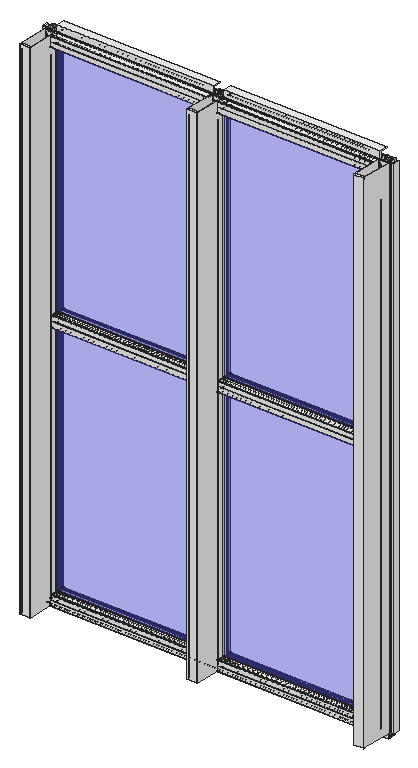
Revit family "Facade_60_Curtain_Wall_S22_Custom", category Windows, host Wall, Revit 2014 (continued)
Definition of nested family "F60 Horizontal Profile Middle_S22_Cust"
  Forms (mm)
    Extrusion 7, solid, material <- "Profile Material", visible <- "Single Glazing"
      sketch origin (0, 0, 0) x (0, 1, 0) y (0, 0, 1)
        loop
          line (-68.051, 57.2) -> (-68.051, 58.517) -> (-67.089, 58.986) -> (-66.563, 57.907) -> (-63.866, 59.222)
          arc (-63.866, 59.222) -> (-64.001, 59.762) -> (-64.504, 60) r 0.65
          line (-64.504, 60) -> (-73.859, 60)
          arc (-73.859, 60) -> (-76.687, 58.828) -> (-77.859, 56) r 4
          line (-77.859, 56) -> (-77.859, 30) -> (-77.859, 2.493)
          arc (-77.859, 2.493) -> (-77.197, 0.799) -> (-75.562, 0.002) r 2.5
          arc (-75.562, 0.002) -> (-75.182, 0.132) -> (-75.021, 0.5) r 0.5
          line (-75.021, 0.5) -> (-75.021, 2) -> (-69.151, 2) -> (-69.151, 0.5)
          arc (-69.151, 0.5) -> (-69.005, 0.146) -> (-68.651, 0) r 0.5
          line (-68.651, 0) -> (-64.504, 0)
          arc (-64.504, 0) -> (-64.001, 0.238) -> (-63.866, 0.778) r 0.65
          line (-63.866, 0.778) -> (-66.563, 2.093) -> (-67.089, 1.014) -> (-68.051, 1.483) -> (-68.051, 2.8)
          arc (-68.051, 2.8) -> (-68.198, 3.154) -> (-68.551, 3.3) r 0.5
      from 0 to 250 <- "Length"
    Extrusion 8, solid, material <- "Thermal Break Material", visible <- "Double Glazing"
      sketch origin (0, 0, 0) x (0, 1, 0) y (0, 0, 1)
        loop
          line (-77.8, 27.673) -> (-77.8, 25.751)
          arc (-77.8, 25.751) -> (-77.654, 25.397) -> (-77.3, 25.251) r 0.5
          line (-77.3, 25.251) -> (-59.8, 25.251)
          arc (-59.8, 25.251) -> (-59.446, 25.397) -> (-59.3, 25.751) r 0.5
          line (-59.3, 25.751) -> (-59.3, 27.647) -> (-49.599, 27.647) -> (-47.528, 28.649)
          arc (-47.528, 28.649) -> (-46.803, 29.999) -> (-47.528, 31.349) r 1.62
          line (-47.528, 31.349) -> (-49.602, 32.353) -> (-59.3, 32.353) -> (-59.3, 34.251)
          arc (-59.3, 34.251) -> (-59.446, 34.604) -> (-59.8, 34.751) r 0.5
          line (-59.8, 34.751) -> (-77.3, 34.751)
          arc (-77.3, 34.751) -> (-77.654, 34.604) -> (-77.8, 34.251) r 0.5
          line (-77.8, 34.251) -> (-77.8, 32.327) -> (-76.4, 31.52) -> (-76.4, 28.482) -> (-77.8, 27.673)
        loop
          line (-59.006, 30.708) -> (-61.156, 32.858)
          arc (-61.156, 32.858) -> (-61.48, 33.074) -> (-61.863, 33.151) r 1
          line (-61.863, 33.151) -> (-73.8, 33.151)
          arc (-73.8, 33.151) -> (-74.507, 32.858) -> (-74.8, 32.151) r 1
          line (-74.8, 32.151) -> (-74.8, 27.851)
          arc (-74.8, 27.851) -> (-74.507, 27.144) -> (-73.8, 26.851) r 1
          line (-73.8, 26.851) -> (-61.863, 26.851)
          arc (-61.863, 26.851) -> (-61.48, 26.927) -> (-61.156, 27.144) r 1
          line (-61.156, 27.144) -> (-59.006, 29.294)
          arc (-59.006, 29.294) -> (-58.788, 29.618) -> (-58.713, 30.001) r 0.986
          arc (-58.713, 30.001) -> (-58.79, 30.383) -> (-59.006, 30.708) r 1.007
        loop
          line (-56.782, 28.347) -> (-49.415, 28.347) -> (-48.055, 29.005)
          arc (-48.055, 29.005) -> (-47.35, 29.887) -> (-47.854, 30.896) r 1.047
          line (-47.854, 30.896) -> (-49.415, 31.652) -> (-56.782, 31.652)
          arc (-56.782, 31.652) -> (-57.207, 31.416) -> (-57.23, 30.93) r 0.5
          arc (-57.23, 30.93) -> (-57.013, 29.999) -> (-57.23, 29.068) r 2.099
          arc (-57.23, 29.068) -> (-57.207, 28.583) -> (-56.782, 28.347) r 0.5
      from 0 to 250 <- "Length"
    Extrusion 9, solid, material <- "Profile Material", visible <- "Double Glazing"
      sketch origin (0, 0, 0) x (0, 1, 0) y (0, 0, 1)
        loop
          line (-77.8, 52.694) -> (-78.8, 52.694) -> (-78.8, 51.544) -> (-80.05, 51.544) -> (-80.05, 57.044) -> (-78.8, 57.044) -> (-78.8, 55.894) -> (-77.8, 55.894) -> (-77.8, 58.294)
          arc (-77.8, 58.294) -> (-78.082, 58.802) -> (-78.664, 58.834) r 0.6
          line (-78.664, 58.834) -> (-80.562, 57.909) -> (-81.088, 58.988) -> (-82.05, 58.518) -> (-82.05, 48.512)
          arc (-82.05, 48.512) -> (-81.874, 48.088) -> (-81.45, 47.912) r 0.6
          line (-81.45, 47.912) -> (-80.6, 47.912) -> (-80.6, 12.089) -> (-81.45, 12.089)
          arc (-81.45, 12.089) -> (-81.874, 11.913) -> (-82.05, 11.489) r 0.6
          line (-82.05, 11.489) -> (-82.05, 1.484) -> (-81.088, 1.015) -> (-80.562, 2.094) -> (-78.663, 1.169)
          arc (-78.663, 1.169) -> (-78.082, 1.199) -> (-77.8, 1.708) r 0.6
          line (-77.8, 1.708) -> (-77.8, 4.108) -> (-78.8, 4.108) -> (-78.8, 2.958) -> (-80.05, 2.958) -> (-80.05, 8.458) -> (-78.8, 8.458) -> (-78.8, 7.308) -> (-77.8, 7.308) -> (-77.8, 27.673) -> (-76.4, 28.482) -> (-76.4, 31.52) -> (-77.8, 32.328) -> (-77.8, 52.694)
      from 0 to 250 <- "Length"
    Extrusion 10, solid, material <- "Profile Material", visible <- "Double Glazing"
      sketch origin (0, 0, 0) x (0, 1, 0) y (0, 0, 1)
        loop
          line (-82.551, 3.3) -> (-90.558, 3.3) -> (-90.558, 30) -> (-90.558, 56.15)
          arc (-90.558, 56.15) -> (-89.738, 58.13) -> (-87.758, 58.95) r 2.8
          line (-87.758, 58.95) -> (-83.151, 58.95) -> (-83.151, 57.2)
          arc (-83.151, 57.2) -> (-82.986, 56.829) -> (-82.601, 56.703) r 0.5
          arc (-82.601, 56.703) -> (-82.215, 56.829) -> (-82.051, 57.2) r 0.5
          line (-82.051, 57.2) -> (-82.051, 58.517) -> (-81.088, 58.986) -> (-80.563, 57.907) -> (-77.866, 59.222)
          arc (-77.866, 59.222) -> (-78, 59.762) -> (-78.503, 60) r 0.65
          line (-78.503, 60) -> (-87.858, 60)
          arc (-87.858, 60) -> (-90.687, 58.828) -> (-91.858, 56) r 4
          line (-91.858, 56) -> (-91.858, 30) -> (-91.858, 2.493)
          arc (-91.858, 2.493) -> (-91.196, 0.799) -> (-89.561, 0.002) r 2.5
          arc (-89.561, 0.002) -> (-89.182, 0.132) -> (-89.021, 0.5) r 0.5
          line (-89.021, 0.5) -> (-89.021, 2) -> (-83.151, 2) -> (-83.151, 0.5)
          arc (-83.151, 0.5) -> (-83.004, 0.146) -> (-82.651, 0) r 0.5
          line (-82.651, 0) -> (-78.503, 0)
          arc (-78.503, 0) -> (-78, 0.238) -> (-77.866, 0.778) r 0.65
          line (-77.866, 0.778) -> (-80.563, 2.093) -> (-81.088, 1.014) -> (-82.051, 1.483) -> (-82.051, 2.8)
          arc (-82.051, 2.8) -> (-82.197, 3.154) -> (-82.551, 3.3) r 0.5
      from 0 to 250 <- "Length"
  Dimensions and locks
    aligned and locked: level to plane 2
